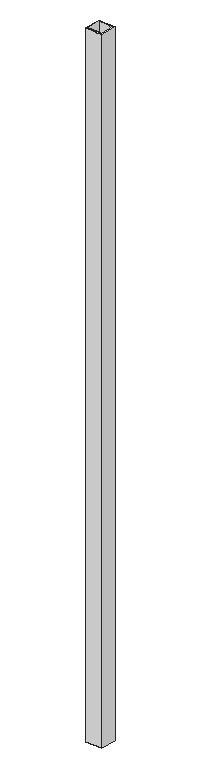
Revit family "kaku25x25x1-6", category 機械設備, Revit 2022
Family settings
  丸型コネクタ寸法 = 直径を使用
  種別 = なし
  パーツ タイプ = 標準
  作業面ベース = いいえ
  常に垂直 = はい
  ロード時にボイドで切り取り = いいえ
  注釈の向きを維持 = いいえ
  共有 = いいえ
  部屋計算ポイント = いいえ
Parameters
  製造元 = "株式会社桐井製作所"
  既定の高さ = 0 mm
  URL = "https://www.kirii.co.jp/"
  K_長さ(mm) [instance] = 1000 mm
  K_材質 = "SGCC一般用　SGC340~570高強度一般用　SGHC一般用"
  K_材料規格 = "25×25×1.6"
  K_品名 = "角パイプ25×25×1.6"
  K_名称 = "圧縮補強材"
  K_バージョン情報 = "20210714"
  K_めっき付着量 = "Z12"
  K_JIS規格 = "JIS G 3302"
Reference planes
  plane 1 "中心(正面/背面)": y = 0
  plane 2: z = 0
  plane 3 "中心(左/右)": x = 0
  plane 4: x = 12.5
  plane 5: x = -12.5
  plane 6: z = 1000
Forms (mm)
  Extrusion 1, solid
    sketch origin (0, 3, 0) x (1, 0, 0) y (0, 1, 0)
      loop
        line (-12.5, -15.5) -> (12.5, -15.5) -> (12.5, 9.5) -> (-12.5, 9.5) -> (-12.5, -15.5)
      loop
        line (10.9, 7.9) -> (-10.9, 7.9) -> (-10.9, -13.9) -> (10.9, -13.9) -> (10.9, 7.9)
    from 0 to 1000
Dimensions and locks
  "K_長さ(mm)": plane 6 to plane 2
  aligned and locked: level to plane 2
  aligned and locked: plane 6 to Extrusion 1
  aligned and locked: plane 5 to Extrusion 1
  aligned and locked: plane 4 to Extrusion 1
Automatic sketch dimensions
  Extrusion 1 sketch curve to plane 5 = 0 mm
  Extrusion 1 sketch curve to plane 4 = 0 mm
  plane 1 "中心(正面/背面)" to Extrusion 1 sketch curve = 12.5 mm
  Extrusion 1 sketch curve to plane 1 "中心(正面/背面)" = 12.5 mm
  plane 5 to Extrusion 1 sketch curve = 1.6 mm
  Extrusion 1 sketch curve to plane 4 = 1.6 mm
  Extrusion 1 sketch curve to Extrusion 1 sketch curve = 1.6 mm  (x2)
